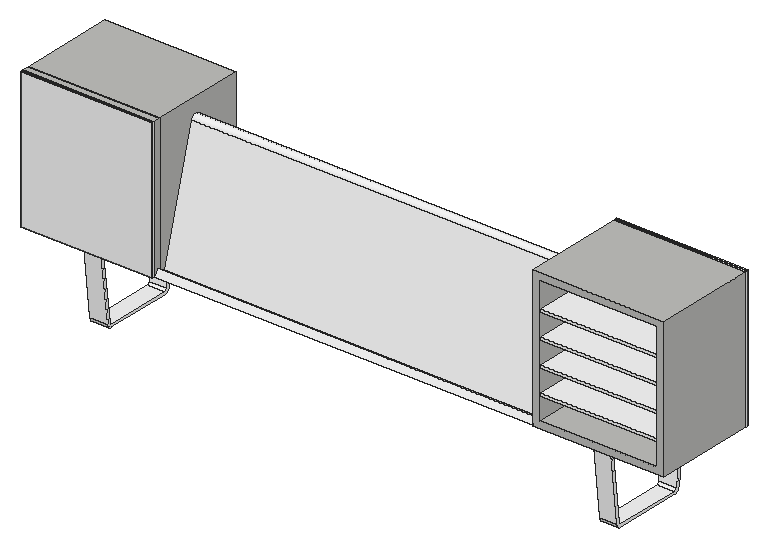
Revit family "Storage-Mounted-Teknion-JNMSD-Elevated_Slim_Cabinet_with_Display-R2015", category Furniture, Revit 2015
Parameters (values of type "Magnetic Glass")
  Width [instance] = 66.000"
  Warranty = "http://www.teknion.com/ca/papers/legal-canada"
  Unit Weight URL = "http://www.teknion.com/ca/tools/assets#&asset=bee6a381-b954-425e-8283-5a2de3a804f2,f828d448-4b62-4231-9e5f-9a8991c0ed77"
  URL = "www.teknion.com"
  Sustainability Data = "http://www.teknion.com/ca/tools/assets#&topic=216f99a5-57a0-44fc-b10a-9dee9b29ae4c&asset=444deb64-fe58-4b68-981e-f75e97781df7"
  Support Frame Finish [instance] = Mica - Teknion - V - Satin - Very White
  Shelf Finish [instance] = Mica - Teknion - V - Satin - Very White
  Series = "Expansion Cityline"  # constant formula
  Product Page URL = "http://www.teknion.com/ca/products/product-details?productlineid=9ad2a26e-8e7a-673b-a6c8-ff05004460c4"
  Product Line = "Expansion Cityline"  # constant formula
  Product Documentation Link = "http://www.teknion.com/pricing/expansion-cityline/pdfs/JNMSD_ppg.pdf"
  Part Number = "JNMSD"  # constant formula
  Model = "JNMSDMA22"  # constant formula
  Manufacturer Phone = "416-661-3370"  # constant formula
  Manufacturer Fax = "416.661.4586"  # constant formula
  Manufacturer Contact Information = "http://www.teknion.com/ca/contactus"
  Manufacturer Address = "1150 Flint Road, Toronto, ON. M3J 2J5. Canada"  # constant formula
  Manufacturer = "Teknion"  # constant formula
  Fascia Finish [instance] = Back-painted Glass - K7 - Teknion - Very White
  Description = "Elevated Slim Cabinet with Display, Magnetic Glass, Shared Pigeonhole."  # constant formula
  Case Finish [instance] = Source Laminate - Teknion - RV - Very White
  Assembly Code = "E2020200"
Reference planes (in)
  plane 1 "Center Front/Back": y = 0.25
  plane 2: z = 0
  plane 3 "Center Left/Right": x = 0
  plane 4 "Left": x = -33
  plane 5 "Right": x = 33
  plane 6 "Back": y = 5.5
  plane 7 "Front": y = -5
  plane 8 "Top": z = 50.83
  plane 9: x = -20.20079
  plane 10: x = -32.29921
  plane 11: x = -19.5
  plane 12: z = 50.12921
  plane 13: z = 36.47
  plane 14: z = 37.17079
  plane 15: y = -5.35433
  plane 16: y = -4.29921
  plane 17: y = -5.1378
  plane 18: y = 5.6378
  plane 19: y = 5.85433
  plane 20: x = 32.29921
  plane 21: y = 4.79921
  plane 22: x = 20.20079
  plane 23: x = 19.5
  plane 24: x = -27.13583
  plane 25: x = -25.36417
  plane 26: x = 27.13583
  plane 27: x = 25.36417
Forms (in)
  Extrusion 1, solid, material "Source Laminate - Teknion - RV - Very White" <- "Case Finish"
    sketch origin (0, -5, 0) x (-1, 0, 0) y (0, 0, -1)
      loop
        line (19.5, -36.47) -> (19.5, -50.83) -> (33, -50.83) -> (33, -36.47) -> (19.5, -36.47)
      loop
        line (20.20079, -37.17079) -> (20.20079, -50.12921) -> (32.29921, -50.12921) -> (32.29921, -37.17079) -> (20.20079, -37.17079)
    from -10.5 to -0.70079
  Extrusion 2, solid, material "Source Laminate - Teknion - RV - Very White" <- "Case Finish"
    sketch origin (-64.19161, -5, 48) x (-1, 0, 0) y (0, 0, -1)
      loop
        line (-31.19161, -2.83) -> (-31.19161, 11.53) -> (-44.69161, 11.53) -> (-44.69161, -2.83) -> (-31.19161, -2.83)
    from -0.70079 to 0
  Extrusion 3, solid, material "Mica - Teknion - V - Satin - Very White" <- "Shelf Finish"
    sketch origin (0, -0.25, 0) x (0, 1, 0) y (0, 0, 1)
      loop
        line (5.00197, 48.22906) -> (5.00197, 47.49677) -> (-4.71063, 47.49677) -> (-4.71063, 47.22906) -> (5.04921, 47.22906) -> (5.04921, 47.49677) -> (5.04921, 48.22906) -> (5.00197, 48.22906)
    from 20.20079 to 32.29921
  Extrusion 4, solid, material "Mica - Teknion - V - Satin - Very White" <- "Shelf Finish"
    sketch origin (0, -0.25, -2.5815) x (0, 1, 0) y (0, 0, 1)
      loop
        line (5.00197, 48.22906) -> (5.00197, 47.49677) -> (-4.71063, 47.49677) -> (-4.71063, 47.22906) -> (5.04921, 47.22906) -> (5.04921, 47.49677) -> (5.04921, 48.22906) -> (5.00197, 48.22906)
    from 20.20079 to 32.29921
  Extrusion 5, solid, material "Mica - Teknion - V - Satin - Very White" <- "Shelf Finish"
    sketch origin (0, -0.25, -5.16299) x (0, 1, 0) y (0, 0, 1)
      loop
        line (5.00197, 48.22906) -> (5.00197, 47.49677) -> (-4.71063, 47.49677) -> (-4.71063, 47.22906) -> (5.04921, 47.22906) -> (5.04921, 47.49677) -> (5.04921, 48.22906) -> (5.00197, 48.22906)
    from 20.20079 to 32.29921
  Extrusion 6, solid, material "Mica - Teknion - V - Satin - Very White" <- "Shelf Finish"
    sketch origin (0, -0.25, -7.74449) x (0, 1, 0) y (0, 0, 1)
      loop
        line (5.00197, 48.22906) -> (5.00197, 47.49677) -> (-4.71063, 47.49677) -> (-4.71063, 47.22906) -> (5.04921, 47.22906) -> (5.04921, 47.49677) -> (5.04921, 48.22906) -> (5.00197, 48.22906)
    from 20.20079 to 32.29921
  Extrusion 7, solid, material "Source Laminate - Teknion - RV - Very White" <- "Case Finish"
    sketch origin (-64.19161, -5, 48) x (-1, 0, 0) y (0, 0, -1)
      loop
        line (-83.69161, -2.83) -> (-83.69161, 11.53) -> (-97.19161, 11.53) -> (-97.19161, -2.83) -> (-83.69161, -2.83)
      loop
        line (-84.39239, -2.12921) -> (-84.39239, 10.82921) -> (-96.49082, 10.82921) -> (-96.49082, -2.12921) -> (-84.39239, -2.12921)
    from -10.5 to 0
  Extrusion 8, solid, material "Paint-Teknion-White"
    sketch origin (-64.19161, 5.5, 48) x (-1, 0, 0) y (0, 0, 1)
      loop
        line (-97.19161, 2.83) -> (-97.19161, -11.53) -> (-83.69161, -11.53) -> (-83.69161, 2.83) -> (-97.19161, 2.83)
    from 0 to 0.1378
  Extrusion 9, solid, material "Back-painted Glass - K7 - Teknion - Very White" <- "Fascia Finish"
    sketch origin (-64.19161, 5.71654, 48) x (-1, 0, 0) y (0, 0, 1)
      loop
        line (-97.19161, 2.83) -> (-97.19161, -11.53) -> (-83.69161, -11.53) -> (-83.69161, 2.83) -> (-97.19161, 2.83)
    from -0.07874 to 0.1378
  Extrusion 10, solid, material "Paint-Teknion-White"
    sketch origin (-64.19161, -5, 48) x (-1, 0, 0) y (0, 0, -1)
      loop
        line (-31.19161, 11.53) -> (-44.69161, 11.53) -> (-44.69161, -2.83) -> (-31.19161, -2.83) -> (-31.19161, 11.53)
    from 0 to 0.1378
  Extrusion 11, solid, material "Back-painted Glass - K7 - Teknion - Very White" <- "Fascia Finish"
    sketch origin (-64.19161, -5.21654, 48) x (-1, 0, 0) y (0, 0, -1)
      loop
        line (-31.19161, 11.53) -> (-44.69161, 11.53) -> (-44.69161, -2.83) -> (-31.19161, -2.83) -> (-31.19161, 11.53)
    from -0.07874 to 0.1378
  Extrusion 12, solid, material "Mica - Teknion - V - Satin - Very White" <- "Shelf Finish"
    sketch origin (-52.5, 0.78937, 0) x (0, -1, 0) y (0, 0, -1)
      loop
        line (5.00197, -48.22906) -> (5.04921, -48.22906) -> (5.04921, -47.49677) -> (5.04921, -47.22906) -> (-4.71063, -47.22906) -> (-4.71063, -47.49677) -> (5.00197, -47.49677) -> (5.00197, -48.22906)
    from 20.20079 to 32.29921
  Extrusion 13, solid, material "Mica - Teknion - V - Satin - Very White" <- "Shelf Finish"
    sketch origin (-52.5, 0.78937, -2.5815) x (0, -1, 0) y (0, 0, -1)
      loop
        line (5.00197, -48.22906) -> (5.04921, -48.22906) -> (5.04921, -47.49677) -> (5.04921, -47.22906) -> (-4.71063, -47.22906) -> (-4.71063, -47.49677) -> (5.00197, -47.49677) -> (5.00197, -48.22906)
    from 20.20079 to 32.29921
  Extrusion 14, solid, material "Mica - Teknion - V - Satin - Very White" <- "Shelf Finish"
    sketch origin (-52.5, 0.78937, -5.16299) x (0, -1, 0) y (0, 0, -1)
      loop
        line (5.00197, -48.22906) -> (5.04921, -48.22906) -> (5.04921, -47.49677) -> (5.04921, -47.22906) -> (-4.71063, -47.22906) -> (-4.71063, -47.49677) -> (5.00197, -47.49677) -> (5.00197, -48.22906)
    from 20.20079 to 32.29921
  Extrusion 15, solid, material "Mica - Teknion - V - Satin - Very White" <- "Shelf Finish"
    sketch origin (-52.5, 0.78937, -7.74449) x (0, -1, 0) y (0, 0, -1)
      loop
        line (5.00197, -48.22906) -> (5.04921, -48.22906) -> (5.04921, -47.49677) -> (5.04921, -47.22906) -> (-4.71063, -47.22906) -> (-4.71063, -47.49677) -> (5.00197, -47.49677) -> (5.00197, -48.22906)
    from 20.20079 to 32.29921
  Extrusion 16, solid, material "Mica - Teknion - V - Satin - Very White" <- "Shelf Finish"
    sketch origin (-19.5, 5.25, 48) x (0, 1, 0) y (0, 0, 1)
      loop
        line (0.2067, -11.58) -> (0.25, -11.555) -> (-0.12402, -10.85719) -> (-0.99815, -11.36187) -> (-4.47072, 0.92953)
        arc (-4.47072, 0.92953) -> (-5, 1.33) -> (-5.52928, 0.92953) r 0.55
        line (-5.52928, 0.92953) -> (-9.00185, -11.36187) -> (-9.87598, -10.85719) -> (-10.25, -11.505) -> (-10.2067, -11.53) -> (-9.85768, -10.92549) -> (-8.9712, -11.4373) -> (-5.48117, 0.91594)
        arc (-5.48117, 0.91594) -> (-5, 1.28) -> (-4.51883, 0.91594) r 0.5
        line (-4.51883, 0.91594) -> (-1.0288, -11.4373) -> (-0.14232, -10.92549) -> (0.2067, -11.58)
    from 0 to 39
  Extrusion 17, solid, material "Mica - Teknion - V - Satin - Very White" <- "Support Frame Finish"
    sketch origin (-27.13583, 5.05109, 48) x (0, 1, 0) y (0, 0, 1)
      loop
        line (-1.11143, -18.53047) -> (-0.26638, -11.64811) -> (-9.3358, -11.64811) -> (-8.49075, -18.53047)
        arc (-8.49075, -18.53047) -> (-8.40827, -18.68724) -> (-8.24262, -18.75) r 0.25
        line (-8.24262, -18.75) -> (-1.35956, -18.75)
        arc (-1.35956, -18.75) -> (-1.19391, -18.68724) -> (-1.11143, -18.53047) r 0.25
      loop
        line (0, -11.53) -> (-9.60218, -11.53) -> (-8.7374, -18.57303)
        arc (-8.7374, -18.57303) -> (-8.57699, -18.87794) -> (-8.25481, -19) r 0.48622
        line (-8.25481, -19) -> (-1.34737, -19)
        arc (-1.34737, -19) -> (-1.02519, -18.87794) -> (-0.86478, -18.57303) r 0.48622
        line (-0.86478, -18.57303) -> (0, -11.53)
    from 0 to 1.77165
  Extrusion 18, solid, material "Mica - Teknion - V - Satin - Very White" <- "Support Frame Finish"
    sketch origin (27.13583, 5.05109, 48) x (0, 1, 0) y (0, 0, 1)
      loop
        arc (-1.34737, -19) -> (-1.02519, -18.87794) -> (-0.86478, -18.57303) r 0.48622
        line (-0.86478, -18.57303) -> (0, -11.53) -> (-9.60218, -11.53) -> (-8.7374, -18.57303)
        arc (-8.7374, -18.57303) -> (-8.57699, -18.87794) -> (-8.25481, -19) r 0.48622
        line (-8.25481, -19) -> (-1.34737, -19)
      loop
        line (-8.24262, -18.75) -> (-1.35956, -18.75)
        arc (-1.35956, -18.75) -> (-1.19391, -18.68724) -> (-1.11143, -18.53047) r 0.25
        line (-1.11143, -18.53047) -> (-0.26638, -11.64811) -> (-9.3358, -11.64811) -> (-8.49075, -18.53047)
        arc (-8.49075, -18.53047) -> (-8.40827, -18.68724) -> (-8.24262, -18.75) r 0.25
    from 0 to -1.77165
Lines and regions (in)
  Masking region 1
    outline origin (0, 0, 0) x (1, 0, 0) y (0, 1, 0)
      loop
        line (-33, 5.5) -> (-33, -5.35433) -> (-19.5, -5.35433) -> (-19.5, -5) -> (33, -5) -> (33, 5.85433) -> (19.5, 5.85433) -> (19.5, 5.5) -> (-33, 5.5)
  symbolic lines, style "FurnitureHiddenLines", detail levels medium+fine
    curve 1: line (-32.29921, -4.29921, 0) -> (-32.29921, 5.5, 0)
    curve 2: line (-19.5, -4.29921, 0) -> (-33, -4.29921, 0)
    curve 3: line (-20.20079, 5.5, 0) -> (-20.20079, -4.29921, 0)
    curve 4: line (-25.36417, -4.55109, 0) -> (-25.36417, 5.05109, 0)
    curve 5: line (-25.36417, 5.05109, 0) -> (-27.13583, 5.05109, 0)
    curve 6: line (-27.13583, 5.05109, 0) -> (-27.13583, -4.55109, 0)
    curve 7: line (-27.13583, -4.55109, 0) -> (-25.36417, -4.55109, 0)
    curve 10: line (25.36417, 5.05109, 0) -> (25.36417, -4.55109, 0)
    curve 11: line (25.36417, -4.55109, 0) -> (27.13583, -4.55109, 0)
    curve 12: line (27.13583, -4.55109, 0) -> (27.13583, 5.05109, 0)
    curve 13: line (27.13583, 5.05109, 0) -> (25.36417, 5.05109, 0)
    curve 16: line (20.20079, -5, 0) -> (20.20079, 5.5, 0)
    curve 17: line (32.29921, 4.79921, 0) -> (20.20079, 4.79921, 0)
    curve 18: line (32.29921, 5.5, 0) -> (32.29921, -5, 0)
  symbolic lines, style "FurnitureHiddenLines", detail levels fine
    curve 8: line (-25.36417, 4.78471, 0) -> (-27.13583, 4.78471, 0)
    curve 9: line (-27.13583, -4.28471, 0) -> (-25.36417, -4.28471, 0)
    curve 14: line (25.36417, 4.78471, 0) -> (27.13583, 4.78471, 0)
    curve 15: line (25.36417, -4.28471, 0) -> (27.13583, -4.28471, 0)
  symbolic lines
    curve 19: line (19.5, 5.5, 0) -> (33, 5.5, 0)
    curve 20: line (-19.5, -5, 0) -> (-33, -5, 0)
    curve 25: line (-19.5, 5.4567, 0) -> (19.5, 5.4567, 0)
    curve 28: line (-19.5, -4.9567, 0) -> (19.5, -4.9567, 0)
    curve 33: line (-19.5, 5.4567, 0) -> (-19.5, -5, 0)
    curve 34: line (19.5, 5.5, 0) -> (19.5, -4.9567, 0)
    curve 35: line (19.5, -4.9567, 0) -> (19.5, -5, 0)
  symbolic lines, detail levels fine
    curve 21: line (-19.5, -5.1378, 0) -> (-33, -5.1378, 0)
    curve 22: line (19.5, 5.6378, 0) -> (33, 5.6378, 0)
    curve 23: line (-19.5, 4.2212, 0) -> (19.5, 4.2212, 0)
    curve 26: line (-19.5, -3.75185, 0) -> (19.5, -3.75185, 0)
    curve 29: line (-19.5, -4.62598, 0) -> (19.5, -4.62598, 0)
    curve 31: line (19.5, 5.10768, 0) -> (-19.5, 5.10768, 0)
  symbolic lines, detail levels medium+fine
    curve 24: line (-19.5, 5.12598, 0) -> (19.5, 5.12598, 0)
    curve 27: line (-19.5, -4.60768, 0) -> (19.5, -4.60768, 0)
    curve 30: line (-19.5, -3.7212, 0) -> (19.5, -3.7212, 0)
    curve 32: line (-19.5, 4.25185, 0) -> (19.5, 4.25185, 0)
  reference lines, not visible
    curve 36: line (-33, 5.5, 0) -> (-33, -5, 0)
    curve 37: line (-33, 5.5, 0) -> (33, 5.5, 0)
    curve 38: line (33, 5.5, 0) -> (33, -5, 0)
    curve 39: line (-33, -5, 0) -> (33, -5, 0)
Dimensions and locks (in)
  "Width": plane 4 "Left" to plane 5 "Right"
  locked: plane 6 "Back" to plane 7 "Front" at 10.5
  plane 8 "Top" to level = 50.830"
  locked: plane 4 "Left" to plane 10 at 0.70079
  plane 25 to plane 9 to plane 11 = 5.16339" locked, 0.70079" locked
  locked: plane 12 to plane 8 "Top" at 0.70079
  locked: plane 13 to plane 14 at 0.70079
  locked: plane 15 to plane 7 "Front" at 0.35433
  locked: plane 7 "Front" to plane 16 at 0.70079
  plane 12 to Extrusion 3 sketch curve to Extrusion 3 sketch curve to Extrusion 3 sketch curve = 1.90016" locked, 0.73228" locked, 0.26772" locked
  Extrusion 3 sketch curve to plane 16 = 0.66142"
  Extrusion 3 sketch curve to Extrusion 3 sketch curve to plane 6 "Back" = 0.04724" locked, 0.70079"
  plane 12 to Extrusion 4 sketch curve to Extrusion 4 sketch curve to Extrusion 4 sketch curve = 4.48165" locked, 0.73228" locked, 0.26772" locked
  Extrusion 4 sketch curve to Extrusion 4 sketch curve to plane 6 "Back" = 0.04724" locked, 0.70079"
  plane 12 to Extrusion 5 sketch curve to Extrusion 5 sketch curve to Extrusion 5 sketch curve = 7.06315" locked, 0.73228" locked, 0.26772" locked
  Extrusion 5 sketch curve to Extrusion 5 sketch curve to plane 6 "Back" = 0.04724" locked, 0.70079"
  plane 12 to Extrusion 6 sketch curve to Extrusion 6 sketch curve to Extrusion 6 sketch curve = 9.64465" locked, 0.73228" locked, 0.26772" locked
  Extrusion 6 sketch curve to Extrusion 6 sketch curve to plane 6 "Back" = 0.04724" locked, 0.70079"
  plane 7 "Front" to Extrusion 4 sketch curve = 0.03937"
  plane 7 "Front" to Extrusion 5 sketch curve = 0.03937"
  plane 7 "Front" to Extrusion 6 sketch curve = 0.03937"
  locked: plane 15 to plane 17 at 0.21654
  plane 19 to plane 18 to plane 6 "Back" = 0.21654" locked, 0.1378" locked
  locked: plane 21 to plane 6 "Back" at 0.70079
  plane 23 to plane 22 to plane 20 to plane 5 "Right" = 0.70079" locked, 12.09843" locked, 0.70079" locked
  equal spacing: plane 4 "Left", plane 3 "Center Left/Right", plane 5 "Right"
  equal spacing: plane 6 "Back", plane 1 "Center Front/Back", plane 7 "Front"
  Extrusion 12 sketch curve to Extrusion 12 sketch curve to Extrusion 12 sketch curve to plane 12 = 0.26772" locked, 0.73228" locked, 1.90016" locked
  Extrusion 13 sketch curve to Extrusion 13 sketch curve to Extrusion 13 sketch curve to plane 12 = 0.26772" locked, 0.73228" locked, 4.48165" locked
  Extrusion 13 sketch curve to Extrusion 13 sketch curve to plane 16 = 0.04724" locked, 0.03937" locked
  Extrusion 14 sketch curve to Extrusion 14 sketch curve to Extrusion 14 sketch curve to plane 8 "Top" = 0.26772" locked, 0.73228" locked, 7.76394" locked
  Extrusion 14 sketch curve to Extrusion 14 sketch curve to plane 16 = 0.04724" locked, 0.03937" locked
  Extrusion 15 sketch curve to Extrusion 15 sketch curve to Extrusion 15 sketch curve to plane 12 = 0.26772" locked, 0.73228" locked, 9.64465" locked
  Extrusion 15 sketch curve to Extrusion 15 sketch curve to plane 16 = 0.04724" locked, 0.03937" locked
  Extrusion 12 sketch curve to Extrusion 12 sketch curve to plane 16 = 0.04724" locked, 0.03937" locked
  Extrusion 16 sketch curve to Extrusion 16 sketch curve to Extrusion 16 sketch curve to Extrusion 16 sketch curve to Extrusion 16 sketch curve to Extrusion 16 sketch curve to plane 1 "Center Front/Back" to Extrusion 16 sketch curve to Extrusion 16 sketch curve to Extrusion 16 sketch curve to Extrusion 16 sketch curve to Extrusion 16 sketch curve to Extrusion 16 sketch curve to Extrusion 16 sketch curve = 0.0433" locked, 0.33071" locked, 0.0183" locked, 0.85584" locked, 0.03065" locked, 3.9712" locked, 0.000" locked, 3.9712" locked, 0.03065" locked, 0.85584" locked, 0.0183" locked, 0.33071" locked, 0.0433" locked
  plane 8 "Top" to Extrusion 16 sketch curve to Extrusion 16 sketch curve to Extrusion 16 sketch curve to Extrusion 16 sketch curve to Extrusion 16 sketch curve to Extrusion 16 sketch curve to Extrusion 16 sketch curve to Extrusion 16 sketch curve to Extrusion 16 sketch curve to Extrusion 16 sketch curve to Extrusion 16 sketch curve to Extrusion 16 sketch curve to Extrusion 16 sketch curve to Extrusion 16 sketch curve = 2.050" locked, 0.000" locked, 11.63719" locked, 0.000" locked, 0.0683" locked, 0.000" locked, 0.43638" locked, 0.000" locked, 0.07543" locked, 0.000" locked, 0.0677" locked, 0.025", 0.025" locked, 0.025"
  locked: Extrusion 17 sketch curve to plane 13 at 0.11811
  Extrusion 17 sketch curve to Extrusion 17 sketch curve to Extrusion 17 sketch curve to Extrusion 17 sketch curve to Extrusion 17 sketch curve to Extrusion 17 sketch curve to plane 13 = 0.250" locked, 0.23622" locked, 0.000" locked, 0.01378" locked, 0.000" locked, 6.970" locked
  Extrusion 17 sketch curve to Extrusion 17 sketch curve to Extrusion 17 sketch curve to Extrusion 17 sketch curve to plane 1 "Center Front/Back" to Extrusion 17 sketch curve to Extrusion 17 sketch curve to Extrusion 17 sketch curve to Extrusion 17 sketch curve = 0.26638" locked, 1.08099" locked, 0.01219" locked, 3.44153" locked, 3.44153" locked, 0.01219" locked, 1.08099" locked, 0.26638" locked
  plane 4 "Left" to plane 24 to plane 25 = 5.86417" locked, 1.77165" locked
  plane 27 to plane 26 to plane 5 "Right" = 1.77165" locked, 5.86417" locked
  Extrusion 18 sketch curve to Extrusion 18 sketch curve to Extrusion 18 sketch curve to Extrusion 18 sketch curve to Extrusion 18 sketch curve to plane 13 = 0.000" locked, 0.01378" locked, 0.000" locked, 6.85189" locked, 0.11811" locked
  Extrusion 18 sketch curve to Extrusion 18 sketch curve to Extrusion 18 sketch curve to Extrusion 18 sketch curve to plane 1 "Center Front/Back" to Extrusion 18 sketch curve to Extrusion 18 sketch curve to Extrusion 18 sketch curve to Extrusion 18 sketch curve = 0.26638" locked, 1.08099" locked, 0.01219" locked, 3.44153" locked, 3.44153" locked, 0.01219" locked, 1.08099" locked, 0.26638" locked
  plane 13 to Extrusion 18 = 7.470"
  locked: Extrusion 17 sketch curve to Extrusion 17 sketch curve at 0.25  (x2)
  locked: Extrusion 18 sketch curve to Extrusion 18 sketch curve at 0.25  (x2)
  aligned and locked: level to plane 2
  aligned and locked: plane 11 to Extrusion 1 sketch curve
  aligned and locked: plane 9 to Extrusion 1 sketch curve
  aligned and locked: plane 8 "Top" to Extrusion 1 sketch curve
  aligned and locked: plane 12 to Extrusion 1 sketch curve
  aligned and locked: plane 4 "Left" to Extrusion 1 sketch curve
  aligned and locked: plane 10 to Extrusion 1 sketch curve
  aligned and locked: plane 14 to Extrusion 1 sketch curve
  aligned and locked: plane 13 to Extrusion 1 sketch curve
  aligned and locked: plane 16 to Extrusion 1
  aligned and locked: Extrusion 2 sketch curve to plane 8 "Top"
  aligned and locked: Extrusion 2 sketch curve to plane 4 "Left"
  aligned and locked: Extrusion 2 sketch curve to plane 13
  aligned and locked: Extrusion 2 sketch curve to plane 11
  aligned and locked: Extrusion 2 to plane 16
  aligned and locked: plane 7 "Front" to Extrusion 2
  aligned and locked: plane 6 "Back" to Extrusion 1
  aligned and locked: Extrusion 7 sketch curve to plane 23
  aligned and locked: Extrusion 7 sketch curve to plane 13
  aligned and locked: Extrusion 7 sketch curve to plane 22
  aligned and locked: plane 5 "Right" to Extrusion 7 sketch curve
  aligned and locked: Extrusion 7 sketch curve to plane 20
  aligned and locked: Extrusion 7 sketch curve to plane 14
  aligned and locked: Extrusion 7 sketch curve to plane 12
  aligned and locked: Extrusion 7 sketch curve to plane 8 "Top"
  aligned and locked: plane 6 "Back" to Extrusion 7
  aligned and locked: plane 7 "Front" to Extrusion 7
  aligned and locked: Extrusion 8 sketch curve to plane 8 "Top"
  aligned and locked: plane 5 "Right" to Extrusion 8 sketch curve
  aligned and locked: Extrusion 8 sketch curve to plane 13
  aligned and locked: Extrusion 8 sketch curve to plane 23
  aligned and locked: Extrusion 8 to plane 6 "Back"
  aligned and locked: plane 18 to Extrusion 8
  aligned and locked: plane 19 to Extrusion 9
  aligned and locked: Extrusion 9 to plane 18
  aligned and locked: plane 5 "Right" to Extrusion 9
  aligned and locked: Extrusion 9 to plane 23
  aligned and locked: Extrusion 8 to plane 23
  aligned and locked: Extrusion 8 to plane 5 "Right"
  aligned and locked: plane 13 to Extrusion 10 sketch curve
  aligned and locked: plane 4 "Left" to Extrusion 10 sketch curve
  aligned and locked: plane 8 "Top" to Extrusion 10 sketch curve
  aligned and locked: plane 11 to Extrusion 10 sketch curve
  aligned and locked: Extrusion 10 to plane 7 "Front"
  aligned and locked: Extrusion 10 to plane 17
  aligned and locked: plane 15 to Extrusion 11
  aligned and locked: plane 17 to Extrusion 11
  aligned and locked: Extrusion 11 to plane 4 "Left"
  aligned and locked: plane 11 to Extrusion 11
  aligned and locked: plane 11 to Extrusion 10
  aligned and locked: plane 6 "Back" to Extrusion 12 sketch curve
  aligned and locked: plane 6 "Back" to Extrusion 13 sketch curve
  aligned and locked: plane 6 "Back" to Extrusion 14 sketch curve
  aligned and locked: plane 6 "Back" to Extrusion 15 sketch curve
  aligned and locked: Extrusion 16 to plane 11
  aligned and locked: plane 23 to Extrusion 16
  aligned and locked: Extrusion 17 sketch curve to plane 13
  aligned and locked: Extrusion 17 to plane 24
  aligned and locked: plane 25 to Extrusion 17
  aligned and locked: Extrusion 18 sketch curve to plane 13
  aligned and locked: Extrusion 18 to plane 26
  aligned and locked: Extrusion 18 to plane 27
  aligned and locked: Extrusion 12 to plane 10
  aligned and locked: plane 9 to Extrusion 12
  aligned and locked: plane 20 to Extrusion 3
  aligned and locked: Extrusion 3 to plane 22
  aligned and locked: Extrusion 4 to plane 22
  aligned and locked: Extrusion 5 to plane 22
  aligned and locked: Extrusion 6 to plane 22
  aligned and locked: plane 20 to Extrusion 4
  aligned and locked: plane 20 to Extrusion 5
  aligned and locked: plane 20 to Extrusion 6
  aligned and locked: Extrusion 13 to plane 10
  aligned and locked: Extrusion 14 to plane 10
  aligned and locked: Extrusion 15 to plane 10
  aligned and locked: plane 9 to Extrusion 13
  aligned and locked: plane 9 to Extrusion 14
  aligned and locked: plane 9 to Extrusion 15
  aligned and locked: Masking region 1 sketch curve to plane 4 "Left"
  aligned and locked: Masking region 1 sketch curve to plane 6 "Back"
  aligned and locked: Masking region 1 sketch curve to plane 5 "Right"
  aligned and locked: plane 7 "Front" to Masking region 1 sketch curve
  aligned and locked: curve 4 to Extrusion 17
  aligned and locked: curve 5 to Extrusion 17
  aligned and locked: curve 6 to Extrusion 17
  aligned and locked: curve 7 to Extrusion 17
  aligned and locked: curve 8 to Extrusion 17
  aligned and locked: curve 9 to Extrusion 17
  aligned and locked: curve 17 to Extrusion 3
  aligned and locked: Masking region 1 sketch curve to plane 23
  aligned and locked: Masking region 1 sketch curve to plane 19
  aligned and locked: Masking region 1 sketch curve to plane 11
  aligned and locked: Masking region 1 sketch curve to plane 15
  aligned and locked: plane 5 "Right" to Extrusion 9 sketch curve
  aligned and locked: Extrusion 9 sketch curve to plane 8 "Top"
  aligned and locked: Extrusion 9 sketch curve to plane 23
  aligned and locked: Extrusion 9 sketch curve to plane 13
  aligned and locked: plane 4 "Left" to Extrusion 11 sketch curve
  aligned and locked: plane 8 "Top" to Extrusion 11 sketch curve
  aligned and locked: plane 11 to Extrusion 11 sketch curve
  aligned and locked: plane 13 to Extrusion 11 sketch curve
  aligned and locked: Extrusion 16 to curve 33
  aligned and locked: curve 34 to Extrusion 7
  aligned and locked: Extrusion 16 to curve 35
  aligned and locked: curve 34 to curve 35
  aligned and locked: curve 36 to plane 4 "Left"
  aligned and locked: curve 37 to plane 6 "Back"
  aligned and locked: plane 5 "Right" to curve 38
  aligned and locked: plane 7 "Front" to curve 39
Automatic sketch dimensions
  Extrusion 3 sketch curve to Extrusion 3 sketch curve = 0.000"
  Extrusion 4 sketch curve to Extrusion 4 sketch curve = 0.000"
  Extrusion 5 sketch curve to Extrusion 5 sketch curve = 0.000"
  Extrusion 6 sketch curve to Extrusion 6 sketch curve = 0.000"
  Extrusion 12 sketch curve to Extrusion 12 sketch curve = 0.000"
  Extrusion 13 sketch curve to Extrusion 13 sketch curve = 0.000"
  Extrusion 14 sketch curve to plane 19 = 0.35433"
  Extrusion 14 sketch curve to Extrusion 14 sketch curve = 0.000"
  Extrusion 15 sketch curve to Extrusion 15 sketch curve = 0.000"
  Extrusion 16 sketch curve to Extrusion 16 sketch curve = 0.000"
  plane 1 "Center Front/Back" to Extrusion 16 sketch curve = 0.52928"
  Extrusion 16 sketch curve to Extrusion 16 sketch curve = 0.04812"  (x2)
  Extrusion 16 sketch curve to plane 1 "Center Front/Back" = 0.48117"
  Extrusion 16 sketch curve to Extrusion 16 sketch curve = 0.13594"
  Extrusion 16 sketch curve to Extrusion 16 sketch curve = 0.01359"
  Extrusion 17 sketch curve to Extrusion 17 sketch curve = 0.4826"
  Extrusion 17 sketch curve to Extrusion 17 sketch curve = 0.23595"  (x2)
  Extrusion 17 sketch curve to Extrusion 17 sketch curve = 0.24665"
  Extrusion 18 sketch curve to Extrusion 18 sketch curve = 0.4826"
  Extrusion 18 sketch curve to Extrusion 18 sketch curve = 0.05926"
  Extrusion 18 sketch curve to Extrusion 18 sketch curve = 0.01669"  (x2)
  curve 2 to plane 4 "Left" = 0.000"
  curve 21 to plane 4 "Left" = 0.000"
  curve 20 to plane 4 "Left" = 0.000"
  curve 1 to plane 6 "Back" = 0.000"
  curve 1 to plane 10 = 0.000"
  curve 3 to plane 6 "Back" = 0.000"
  curve 3 to plane 9 = 0.000"
  curve 21 to plane 11 = 0.000"
  curve 22 to plane 18 = 0.000"
  curve 22 to plane 23 = 0.000"
  curve 25 to plane 23 = 0.000"
  curve 16 to plane 6 "Back" = 0.000"
  curve 16 to plane 22 = 0.000"
  curve 13 to plane 27 = 0.000"
  curve 15 to plane 26 = 0.000"
  curve 18 to plane 20 = 0.000"
  curve 22 to plane 5 "Right" = 0.000"
  curve 19 to plane 5 "Right" = 0.000"
  curve 21 to plane 17 = 0.000"
  plane 7 "Front" to curve 33 = 0.000"
  plane 7 "Front" to curve 18 = 0.000"
  plane 7 "Front" to curve 16 = 0.000"
  plane 16 to curve 2 = 0.000"
  curve 34 to plane 7 "Front" = 0.0433"
  plane 16 to curve 10 = 0.25188"
  curve 10 to plane 21 = 0.25188"
  curve 33 to plane 6 "Back" = 0.0433"
  plane 16 to curve 29 = 0.32677"
  curve 29 to curve 27 = 0.0183"
  curve 15 to plane 16 = 0.0145"
  curve 2 to curve 26 = 0.54737"
  curve 26 to curve 30 = 0.03065"
  plane 21 to curve 23 = 0.57801"
  curve 23 to curve 32 = 0.03065"
  plane 21 to curve 14 = 0.0145"
  curve 31 to plane 21 = 0.30847"
  curve 31 to curve 24 = 0.0183"
